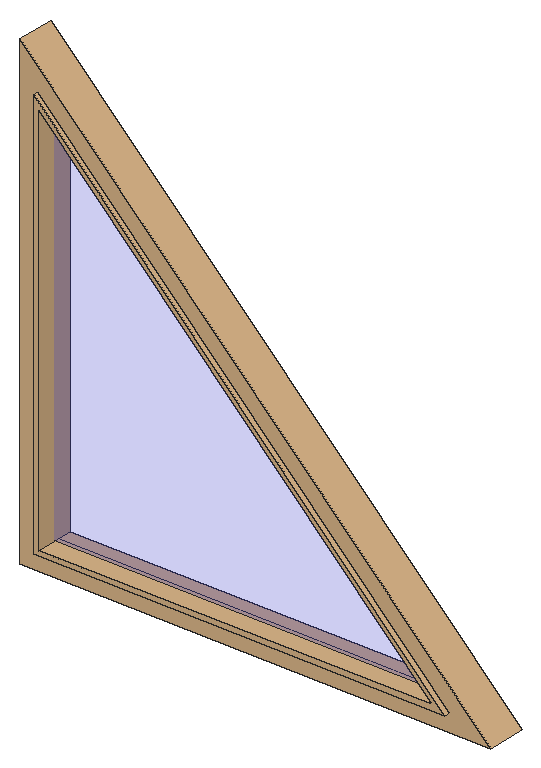
Revit family
Parameters (values of type "8' X 8'")
  Width = 2438.4 mm
  Height = 2438.4 mm
  Glass Insertion [instance] = 50.8 mm
  Frame2 [instance] = 25.4 mm
  Frame1 [instance] = 88.9 mm
  Frame Projection (out) [instance] = 50.8 mm
  Frame Projection (in) [instance] = 25.4 mm
  Default Height [instance] = 1828.8 mm
  Angle [instance] = 45.00°
Types (3, lengths in mm): name | Width | Height
  6' X 6' | 1828.8 | 1828.8
  4' X 4' | 1219.2 | 1219.2
  8' X 8' | 2438.4 | 2438.4
Reference planes
  plane 1 "Wall": y = 0
  plane 2 "Center (Left/Right)": x = 125
  plane 3 "Back": y = 75
  plane 4: x = 1344.2
  plane 5: x = -1094.2
  plane 6: z = 1828.8
  plane 7: through (1191.8, 225, 1981.2) normal (0.7071, 0, 0.7071)
  plane 8: z = 1917.7
  plane 9: x = -1005.3
  plane 10: through (1673.287, 225, 1373.99) normal (0.7071, 0, 0.7071)
  plane 11: x = -979.9
  plane 12: z = 1943.1
  plane 13: through (1655.326, 225, 1356.029) normal (0.7071, 0, 0.7071)
  plane 14: z = 4267.2
  plane 15: y = 125.8
  plane 16: y = 100.4
  plane 17: y = -100.4
  plane 18: y = 24.2
  plane 19: y = -75
  plane 20: z = 3048
Forms (mm)
  Extrusion 1, solid, material "Frame"
    sketch origin (0, 0, 0) x (1, 0, 0) y (0, 0, 1)
      loop
        line (-1094.2, 1828.8) -> (1344.2, 1828.8) -> (-1094.2, 4267.2) -> (-1094.2, 1828.8)
      loop
        line (-1005.3, 1917.7) -> (1129.576, 1917.7) -> (-1005.3, 4052.576) -> (-1005.3, 1917.7)
    from 75 to -125.8
  Extrusion 2, solid, material "Frame"
    sketch origin (0, 0, 0) x (1, 0, 0) y (0, 0, 1)
      loop
        line (-1005.3, 1917.7) -> (1129.576, 1917.7) -> (-1005.3, 4052.576) -> (-1005.3, 1917.7)
      loop
        line (-979.9, 1943.1) -> (1068.255, 1943.1) -> (-979.9, 3991.255) -> (-979.9, 1943.1)
    from -100.4 to 100.4
  Extrusion 3, solid, material "Glass"
    sketch origin (0, 0, 0) x (1, 0, 0) y (0, 0, 1)
      loop
        line (1068.255, 1943.1) -> (-979.9, 3991.255) -> (-979.9, 1943.1) -> (1068.255, 1943.1)
    from -24.2 to 0
Lines and regions (mm)
  Opening 1
    outline origin (-5000, -75, 0) x (1, 0, 0) y (0, 0, 1)
      loop
        line (4020.1, 1943.1) -> (6068.255, 1943.1) -> (4020.1, 3991.255) -> (4020.1, 1943.1)
Text (mm)
  text "Placement side" at (-1848.837, 1116.779, 0), in view "Ref. Level"
  text "Placement side" at (0, 1409.804, 2854.306), in view "Left"
  text "Placement side" at (0, 499.811, 2980.732), in view "Right"
Dimensions and locks
  locked: plane 3 "Back" to host wall
  "Default Height": level to plane 6
  "Height": plane 6 to plane 14
  "Width": plane 4 to plane 5
  "Frame1": plane 6 to plane 8
  "Frame2": plane 8 to plane 12
  "Frame2": plane 10 to plane 13
  "Frame1": plane 7 to plane 10
  "Frame1": plane 5 to plane 9
  "Frame2": plane 9 to plane 11
  "Frame Projection (out)": plane 3 "Back" to plane 15
  "Glass Insertion": plane 18 to plane 3 "Back"
  equal spacing: plane 4, plane 2 "Center (Left/Right)", plane 5
  equal spacing: plane 6, plane 20, plane 14
  "Angle": angle plane 6 to plane 7
  aligned and locked: host wall to plane 1 "Wall"
  aligned and locked: Extrusion 1 sketch curve to plane 7
  aligned and locked: plane 10 to Extrusion 1 sketch curve
  aligned and locked: Extrusion 1 sketch curve to plane 6
  aligned and locked: Extrusion 1 sketch curve to plane 8
  aligned and locked: Extrusion 1 sketch curve to plane 5
  aligned and locked: plane 9 to Extrusion 1 sketch curve
  aligned and locked: Extrusion 2 sketch curve to plane 11
  aligned and locked: plane 9 to Extrusion 2 sketch curve
  aligned and locked: Extrusion 2 sketch curve to plane 8
  aligned and locked: Extrusion 2 sketch curve to plane 12
  aligned and locked: plane 10 to Extrusion 2 sketch curve
  aligned and locked: Extrusion 2 sketch curve to plane 13
  aligned and locked: plane 11 to Extrusion 3 sketch curve
  aligned and locked: plane 12 to Extrusion 3 sketch curve
  aligned and locked: plane 13 to Extrusion 3 sketch curve
  aligned and locked: Extrusion 3 to plane 18
  aligned and locked: host wall to Extrusion 3
  aligned and locked: Extrusion 1 to plane 15
  aligned and locked: Extrusion 2 to plane 16
  aligned and locked: Extrusion 2 to plane 17
  aligned and locked: Extrusion 1 to plane 19
Automatic sketch dimensions
  Opening 1 sketch curve to plane 11 = 0 mm
  Opening 1 sketch curve to plane 12 = 0 mm
  Opening 1 sketch curve to plane 13 = 0 mm  (x2)
